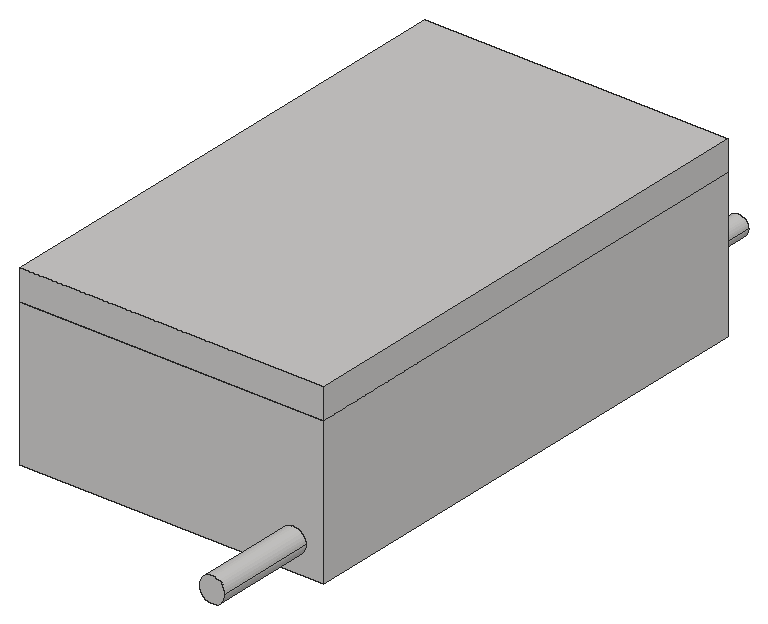
Revit family "DC_Rheem_PLM_940160", category Plumbing Fixtures, host Face, Revit 2017
Family settings
  Host = Face
  Round Connector Dimension = Use Radius
  Part Type = Normal
  Cut with Voids When Loaded = No
  Shared = No
  Room Calculation Point = No
Parameters (values of type "Guardian Warm Water 160L/min nominated flow rate")
  WarmWaterPipeDiameter_ANZRS = WWRadius_ANZRS * 2  # 50 mm
  WWRadius_ANZRS = 25 mm
  URL = "http://www.rheem.com.au/CommercialProducts"
  Type Comments = "temperature range 25-60°C\r\n"
  Model = "940160\r\n"
  Materials_ANZRS = Rheem - Stainless Steel
  Manufacturer = "Rheem"
  HotWaterPipeDiameter_ANZRS = HotWaterSupplyRadius_ANZRS * 2  # 40 mm
  HotWaterSupplyRadius_ANZRS = 20 mm
  DesignBy_ANZRS = "Design Content ©\r\n"
  Description = "Guardian Warm Water 160L/min nominated flow rate\r\n"
  Default Elevation = 0 mm
  ColdWaterPipeDiameter_ANZRS = ColdWaterSupplyRadius_ANZRS * 2  # 40 mm
  ColdWaterSupplyRadius_ANZRS = 20 mm
  BoxWidth_ANZRS = 600 mm
  BoxThickness_ANZRS = 350 mm
  BoxHeight_ANZRS = 1000 mm
  Author_ANZRS = "DM"
  ARMWaterDiameter_ANZRS = ARMRadius_ANZRS * 2  # 40 mm
  ARMRadius_ANZRS = 20 mm
Reference planes
  plane 1 "Center (Front/Back)": y = 0
  plane 2: z = 0
  plane 3 "Center (Left/Right)": x = 0
  plane 4 "W1": x = -300
  plane 5 "W2": x = 300
  plane 6 "H1": y = 1000
  plane 7 "HWS": x = 160
  plane 8 "WWR": x = -10
  plane 9 "CWS": x = -240
  plane 10: z = 350
  plane 11 "THK 1": z = 290
  plane 12 "CD 2": z = 60
  plane 13 "CD 3": z = 120
  plane 14 "L2": y = 1200
  plane 15 "WWF": x = 240
  plane 16 "L1": y = -200
  plane 17 "CD 1": z = 57
Forms (mm)
  Extrusion 1, solid, material "Rheem - Stainless Steel" <- "Materials_ANZRS"
    sketch origin (0, 0, 0) x (1, 0, 0) y (0, 1, 0)
      loop
        line (-300, 1000) -> (-300, 0) -> (300, 0) -> (300, 1000) -> (-300, 1000)
    from 0 to 290
  Extrusion 2, solid, material "Rheem - Stainless Steel" <- "Materials_ANZRS"
    sketch origin (0, 0, 0) x (1, 0, 0) y (0, 1, 0)
      loop
        line (-300, 1000) -> (-300, 0) -> (300, 0) -> (300, 1000) -> (-300, 1000)
    from 290 to 350
  Extrusion 3, solid, material "Rheem - Stainless Steel" <- "Materials_ANZRS"
    sketch origin (0, 0, 0) x (1, 0, 0) y (0, 0, 1)
      loop
        circle (-10, 60) r 20
      loop
        circle (160, 60) r 20
      loop
        circle (-240, 120) r 20
    from -1200 to -1000
  Extrusion 4, solid, material "Rheem - Stainless Steel" <- "Materials_ANZRS"
    sketch origin (46.441, 0, 0) x (1, 0, 0) y (0, 0, 1)
      loop
        circle (193.559, 57) r 25
    from 0 to 200
Lines and regions (mm)
  Masking region 1
    outline origin (0, 0, 0) x (1, 0, 0) y (0, 1, 0)
      loop
        line (300, 0) -> (300, 1000) -> (180, 1000) -> (180, 1200) -> (140, 1200) -> (140, 1000) -> (10, 1000) -> (10, 1200) -> (-30, 1200) -> (-30, 1000) -> (-220, 1000) -> (-220, 1200) -> (-260, 1200) -> (-260, 1000) -> (-300, 1000) -> (-300, 0) -> (215, 0) -> (215, -200) -> (275, -200) -> (275, 0) -> (300, 0)
  Masking region 2
    outline origin (0, 0, 0) x (1, 0, 0) y (0, 0, 1)
      loop
        line (300, 350) -> (-300, 350) -> (-300, 0) -> (300, 0) -> (300, 350)
  Masking region 3
    outline origin (0, 0, 0) x (0, 1, 0) y (0, 0, 1)
      loop
        line (1000, 350) -> (0, 350) -> (0, 82) -> (-200, 82) -> (-200, 32) -> (0, 32) -> (0, 0) -> (1000, 0) -> (1000, 40) -> (1200, 40) -> (1200, 90) -> (1200, 140) -> (1000, 140) -> (1000, 350)
  symbolic lines, style "Rheem - Guardian Warm Water", detail levels fine
    curve 1: line (300, 1000, 0) -> (-300, 1000, 0)
    curve 2: line (-300, 1000, 0) -> (-300, 0, 0)
    curve 3: line (-300, 0, 0) -> (300, 0, 0)
    curve 4: line (300, 0, 0) -> (300, 1000, 0)
    curve 5: line (0, 1000, 0) -> (0, 1000, 290)
    curve 6: line (0, 0, 290) -> (0, 1000, 290)
    curve 7: line (0, 1000, 290) -> (0, 1000, 350)
    curve 8: line (0, 1000, 350) -> (0, 0, 350)
    curve 9: line (0, 0, 350) -> (0, 0, 290)
    curve 10: line (0, 0, 290) -> (0, 0, 0)
    curve 11: line (0, 1200, 80) -> (0, 1000, 80)
    curve 12: line (-300, 0, 0) -> (300, 0, 0)
    curve 13: line (-300, 0, 350) -> (-300, 0, 0)
    curve 14: line (300, 0, 350) -> (-300, 0, 350)
    curve 15: line (300, 0, 0) -> (300, 0, 350)
    curve 16: line (-300, 0, 290) -> (300, 0, 290)
    curve 17: arc (-260, 0, 120) -> (-240, 0, 100) -> (-220, 0, 120) r 20
    curve 18: arc (-220, 0, 120) -> (-240, 0, 140) -> (-260, 0, 120) r 20
    curve 19: arc (-30, 0, 60) -> (-10, 0, 40) -> (10, 0, 60) r 20
    curve 20: arc (10, 0, 60) -> (-10, 0, 80) -> (-30, 0, 60) r 20
    curve 21: arc (140, 0, 60) -> (160, 0, 40) -> (180, 0, 60) r 20
    curve 22: arc (180, 0, 60) -> (160, 0, 80) -> (140, 0, 60) r 20
    curve 23: line (0, 1000, 0) -> (0, 0, 0)
    curve 24: line (0, 1200, 100) -> (0, 1000, 100)
Dimensions and locks
  equal spacing: plane 4 "W1", plane 3 "Center (Left/Right)", plane 5 "W2"
  plane 4 "W1" to plane 5 "W2" = 600 mm
  "BoxHeight_ANZRS": plane 6 "H1" to plane 1 "Center (Front/Back)"
  "BoxThickness_ANZRS": plane 10 to level
  plane 12 "CD 2" to level = 60 mm
  plane 13 "CD 3" to level = 120 mm
  locked: plane 14 "L2" to plane 6 "H1" at 200
  plane 16 "L1" to plane 1 "Center (Front/Back)" = 200 mm
  plane 15 "WWF" to plane 5 "W2" = 60 mm  (x2)
  locked: plane 10 to plane 11 "THK 1" at 60
  "BoxWidth_ANZRS": plane 4 "W1" to plane 5 "W2"
  plane 17 "CD 1" to level = 57 mm
  plane 9 "CWS" to plane 4 "W1" = 60 mm
  plane 8 "WWR" to plane 4 "W1" = 290 mm
  plane 7 "HWS" to plane 4 "W1" = 460 mm
  "ARMRadius_ANZRS": radius of Extrusion 3 sketch curve
  "ColdWaterSupplyRadius_ANZRS": radius of Extrusion 3 sketch curve
  "HotWaterSupplyRadius_ANZRS": radius of Extrusion 3 sketch curve
  "WWRadius_ANZRS": radius of Extrusion 4 sketch curve
  aligned and locked: plane 2 to host face
  aligned and locked: level to host face
  aligned and locked: Extrusion 1 sketch curve to plane 6 "H1"
  aligned and locked: plane 4 "W1" to Extrusion 1 sketch curve
  aligned and locked: Extrusion 1 sketch curve to plane 1 "Center (Front/Back)"
  aligned and locked: Extrusion 1 sketch curve to plane 5 "W2"
  aligned and locked: plane 11 "THK 1" to Extrusion 1
  aligned and locked: Extrusion 2 sketch curve to Extrusion 1  (x4)
  aligned and locked: Extrusion 2 to plane 11 "THK 1"
  aligned and locked: plane 10 to Extrusion 2
  aligned and locked: plane 9 "CWS" to Extrusion 3 sketch curve
  aligned and locked: plane 8 "WWR" to Extrusion 3 sketch curve
  aligned and locked: plane 7 "HWS" to Extrusion 3 sketch curve
  aligned and locked: plane 12 "CD 2" to Extrusion 3 sketch curve  (x2)
  aligned and locked: plane 13 "CD 3" to Extrusion 3 sketch curve
  aligned and locked: Extrusion 3 to plane 6 "H1"
  aligned and locked: plane 14 "L2" to Extrusion 3
  aligned and locked: plane 15 "WWF" to Extrusion 4 sketch curve
  aligned and locked: Extrusion 4 to plane 16 "L1"
  aligned and locked: curve 1 to Extrusion 2
  aligned and locked: curve 2 to Extrusion 2
  aligned and locked: curve 3 to Extrusion 2
  aligned and locked: curve 4 to Extrusion 2
  aligned and locked: curve 5 to Extrusion 1
  aligned and locked: curve 6 to Extrusion 2
  aligned and locked: curve 7 to Extrusion 2
  aligned and locked: curve 8 to Extrusion 2
  aligned and locked: curve 9 to Extrusion 2
  aligned and locked: curve 10 to Extrusion 1
  aligned and locked: curve 12 to Extrusion 1
  aligned and locked: curve 13 to Extrusion 1
  aligned and locked: curve 14 to Extrusion 2
  aligned and locked: curve 15 to Extrusion 2
  aligned and locked: curve 16 to Extrusion 2
  aligned and locked: curve 17 to Extrusion 3
  aligned and locked: curve 18 to Extrusion 3
  aligned and locked: curve 19 to Extrusion 3
  aligned and locked: curve 20 to Extrusion 3
  aligned and locked: curve 21 to Extrusion 3
  aligned and locked: curve 22 to Extrusion 3
  aligned and locked: plane 17 "CD 1" to Extrusion 4 sketch curve
  aligned and locked: Masking region 1 sketch curve to curve 4
  aligned and locked: Masking region 1 sketch curve to curve 3
  aligned and locked: Masking region 1 sketch curve to curve 2
  aligned and locked: Masking region 1 sketch curve to curve 1
  aligned and locked: Masking region 2 sketch curve to curve 14
  aligned and locked: Masking region 2 sketch curve to curve 13
  aligned and locked: Masking region 2 sketch curve to curve 12
  aligned and locked: Masking region 2 sketch curve to curve 15
  aligned and locked: Masking region 3 sketch curve to curve 8
  aligned and locked: Masking region 3 sketch curve to curve 7
  aligned and locked: Masking region 3 sketch curve to curve 23
  aligned and locked: Masking region 3 sketch curve to curve 10
Automatic sketch dimensions
  host sketch curve to host sketch curve = 1451.981 mm
  host sketch curve to host sketch curve = 1779.008 mm
  curve 1 to plane 4 "W1" = 0 mm
  plane 1 "Center (Front/Back)" to curve 3 = 0 mm
  curve 3 to plane 5 "W2" = 0 mm
  curve 2 to plane 6 "H1" = 0 mm
  curve 10 to level = 0 mm
  curve 10 to plane 1 "Center (Front/Back)" = 0 mm
  curve 7 to plane 6 "H1" = 0 mm
  curve 6 to plane 11 "THK 1" = 0 mm
  curve 9 to plane 10 = 0 mm
  curve 24 to plane 13 "CD 3" = 20 mm
  Masking region 1 sketch curve to plane 14 "L2" = 0 mm  (x3)
  Masking region 1 sketch curve to plane 6 "H1" = 0 mm  (x3)
  Masking region 1 sketch curve to plane 16 "L1" = 0 mm
  plane 1 "Center (Front/Back)" to Masking region 1 sketch curve = 0 mm
  plane 9 "CWS" to Masking region 1 sketch curve = 20 mm
  Masking region 1 sketch curve to plane 9 "CWS" = 20 mm
  plane 8 "WWR" to Masking region 1 sketch curve = 20 mm
  Masking region 1 sketch curve to plane 8 "WWR" = 20 mm
  plane 7 "HWS" to Masking region 1 sketch curve = 20 mm
  Masking region 1 sketch curve to plane 7 "HWS" = 20 mm
  plane 15 "WWF" to Masking region 1 sketch curve = 25 mm
  Masking region 1 sketch curve to Masking region 1 sketch curve = 25 mm
  curve 24 to plane 14 "L2" = 0 mm
  curve 11 to plane 14 "L2" = 0 mm
  plane 12 "CD 2" to curve 11 = 20 mm
  Masking region 3 sketch curve to plane 16 "L1" = 0 mm
  Masking region 3 sketch curve to plane 1 "Center (Front/Back)" = 0 mm
  Masking region 3 sketch curve to plane 6 "H1" = 0 mm
  Masking region 3 sketch curve to plane 14 "L2" = 0 mm
  Masking region 3 sketch curve to plane 17 "CD 1" = 25 mm
  plane 12 "CD 2" to Masking region 3 sketch curve = 22 mm
  plane 12 "CD 2" to Masking region 3 sketch curve = 30 mm
  Masking region 3 sketch curve to plane 17 "CD 1" = 17 mm
  plane 13 "CD 3" to Masking region 3 sketch curve = 20 mm
Connectors
  piping at (-240, 1200, 120), diameter 40, driven by "ColdWaterSupplyRadius_ANZRS"
    settings: on Extrusion 3, index 1, connector inside diameter 1.5748", connector length 0 mm, flow factor 0, pipe flow 0 GPM, pressure drop 0.00 psi, fitting loss kfactor 0, connector angle 0.00°, fixture units 0, engagement length 0 mm, angle of deflection 0.00°, flow configuration 1, flow direction 1, fitting loss method 0, system type 20, joint type 0, gender type 0, connector reference index -1, connector utility 0, adjustable connector no, is connector primary yes, connector description ""
  piping at (-10, 1200, 60), diameter 40, driven by "ARMRadius_ANZRS"
    settings: on Extrusion 3, index 2, connector inside diameter 1.5748", connector length 0 mm, flow factor 0, pipe flow 0 GPM, pressure drop 0.00 psi, fitting loss kfactor 0, connector angle 0.00°, fixture units 0, engagement length 0 mm, angle of deflection 0.00°, flow configuration 1, flow direction 1, fitting loss method 0, system type 19, joint type 0, gender type 0, connector reference index -1, connector utility 0, adjustable connector no, is connector primary no, connector description ""
  piping at (160, 1200, 60), diameter 40, driven by "HotWaterSupplyRadius_ANZRS"
    settings: on Extrusion 3, index 3, connector inside diameter 1.5748", connector length 0 mm, flow factor 0, pipe flow 0 GPM, pressure drop 0.00 psi, fitting loss kfactor 0, connector angle 0.00°, fixture units 0, engagement length 0 mm, angle of deflection 0.00°, flow configuration 1, flow direction 2, fitting loss method 0, system type 19, joint type 0, gender type 0, connector reference index -1, connector utility 0, adjustable connector no, is connector primary no, connector description ""
  piping at (240, -200, 57), diameter 50, driven by "WWRadius_ANZRS"
    settings: on Extrusion 4, index 4, connector inside diameter 1.9685", connector length 0 mm, flow factor 0, pipe flow 0 GPM, pressure drop 0.00 psi, fitting loss kfactor 0, connector angle 0.00°, fixture units 0, engagement length 0 mm, angle of deflection 0.00°, flow configuration 1, flow direction 2, fitting loss method 0, system type 19, joint type 0, gender type 0, connector reference index -1, connector utility 0, adjustable connector no, is connector primary no, connector description ""
